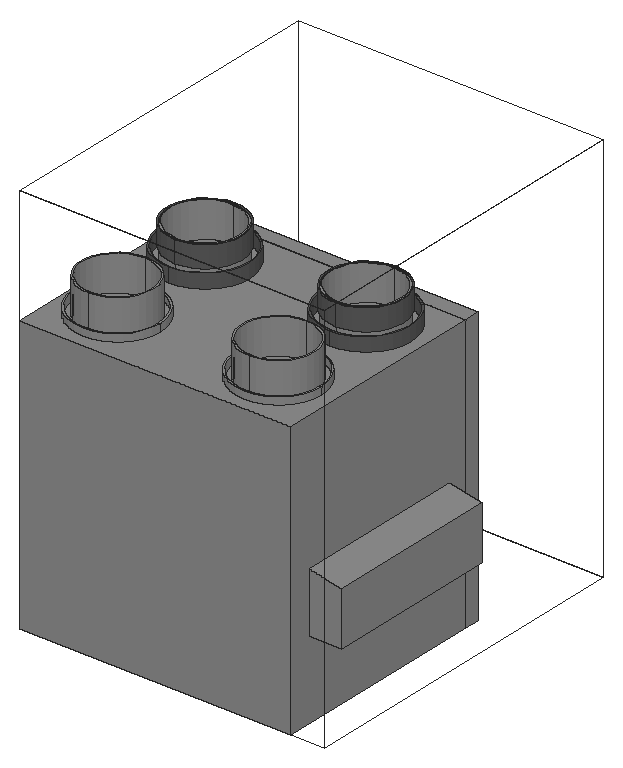
Revit family "Broan®_AI_Series™-Energy_Recovery_Ventilator_(ERV)-Top_Port", category Mechanical Equipment, Revit 2019
Family settings
  Round Connector Dimension = Use Diameter
  Classification = None
  Part Type = Normal
  Work Plane-Based = Yes
  Always vertical = No
  Cut with Voids When Loaded = No
  Shared = No
  Room Calculation Point = No
Parameters (values of type "Broan®_AI_Series™-130_CFM-Energy_Recovery_Ventilator_(ERV)-Top_Port-65%_eff")
  c Width MC = Width - c Width  # 2.32"
  c Vent Height = (Height - c Height)  # 2.45"
  c Top Clearance = if(c Constraints > 2, 9.00", 8.00")  # 8.00"
  c Right Clrearance = 0.00"  # constant formula
  c Offset vent side = (Length - 1.00") / 4  # 3.785"
  c MC width = Length - 4.00"  # 12.14"
  c Left Clearance = 0.00"  # constant formula
  c Height = 19.13"  # constant formula
  c Gen Diameter = if(c Constraints > 2, 6.00", 5.00")  # 5.00"
  c Front Clearance = 8.00"  # constant formula
  c Constraints = 1
  c Back Clearance = 0.00"  # constant formula
  Width = 21.07"  # constant formula
  Voltage = 120 V
  Version = ""
  URL = "https://www.broan-nutone.com/"
  Support Phone = "(224) 699-9545"  # constant formula
  Support Email = "mailto:support@anguleris.com"
  Supply Air Connection Diameter = c Gen Diameter  # 5"
  Return Air Connection Diameter = c Gen Diameter  # 5"
  Requirements and Standards = "UL 1812\r\nCSA F326\r\nCSA C439\r\nROHS 2015/863\r\nProp 65"
  Product Page URL = "https://www.broan-nutone.com/en-us/product/freshairsystems/b130e65rt"
  Product Name = "Broan® AI Series™ 130 CFM Energy Recovery Ventilator (ERV)"
  Product Documentation Link = "https://www.broan-nutone.com/getmedia/b7fa97a7-b1a4-4b26-badf-aba9305000d4/Spec-Sheet-B130E65.pdf?ext=.pdf"
  Power Factor = 0
  Phase = 1
  Operating Weight = 37.00 lbf  # constant formula
  Number of Poles = 1
  Noise = 110
  Model = "B130E65RT"
  Manufacturer Phone Number = "800-558-1711"  # constant formula
  Manufacturer Contact Information = "mailto:info@broan-nutone.com"
  Manufacturer Address = "\"926 W State St, Hartford, WI 53027\""
  Manufacturer = "Broan"  # constant formula
  Length = 16.14"  # constant formula
  Height = 21.58"  # constant formula
  Frequency = 60 Hz
  Fan Wattage = 70 W
  Exhaust Air Connection Diameter = c Gen Diameter  # 5"
  Default Elevation = 0.00"
  Copyright = "\"Copyright © 2021 Broan-NuTone, LLC. All Rights Reserved\""
  c Width = 18.75"  # constant formula
  Clearance [instance] = yes
  Air Volume = if(c Constraints = 1, 130 CFM, if(c Constraints = 2, 150 CFM, if(c Constraints = 3, 160 CFM, 160 CFM)))  # 130 CFM
Types (4): name | c Top Clearance | c Gen Diameter | c Constraints | Supply Air Connection Diameter | Return Air Connection Diameter | Product Page URL | Product Name | Product Documentation Link | Noise | Model | Fan Wattage | Exhaust Air Connection Diameter | Air Volume
  Broan®_AI_Series™-130_CFM-Energy_Recovery_Ventilator_(ERV)-Top_Port-65%_eff | 8.00" | 5.00" | 1 | 5" | 5" | "https://www.broan-nutone.com/en-us/product/freshairsystems/b130e65rt" | "Broan® AI Series™ 130 CFM Energy Recovery Ventilator (ERV)" | "https://www.broan-nutone.com/getmedia/b7fa97a7-b1a4-4b26-badf-aba9305000d4/Spec-Sheet-B130E65.pdf?ext=.pdf" | 110 | "B130E65RT" | 70 W | 5" | 130 CFM
  Broan®_AI_Series™-150_CFM-Energy_Recovery_Ventilator_(ERV)-Top_Port-75%_eff | 8.00" | 5.00" | 2 | 5" | 5" | "https://www.broan-nutone.com/en-us/product/freshairsystems/b150e75nt" | "Broan® AI Series™ 150 CFM Energy Recovery Ventilator (ERV)" | "https://www.broan-nutone.com/getmedia/36d3e3e3-350c-4d35-80b6-240504529a3e/Spec-Sheet-B150E75.pdf?ext=.pdf" | 163 | "B150E75NT" | 73.2 W | 5" | 150 CFM
  Broan®_AI_Series™-160_CFM-Energy_Recovery_Ventilator_(ERV)-Top_Port-65%_eff | 9.00" | 6.00" | 3 | 6" | 6" | "https://www.broan-nutone.com/en-us/product/freshairsystems/b160e65rt" | "Broan® AI Series™ 160 CFM Energy Recovery Ventilator (ERV)" | "https://www.broan-nutone.com/getmedia/e8599d57-3780-4656-a5d2-1cf3644ed073/Spec-Sheet-B160E65.pdf?ext=.pdf" | 163 | "B160E65RT" | 73.2 W | 6" | 160 CFM
  Broan®_AI_Series™-160_CFM-Heat_Recovery_Ventilator_(HRV)-Top_Port-75%_eff | 9.00" | 6.00" | 4 | 6" | 6" | "https://www.broan-nutone.com/en-us/product/freshairsystems/b160e75rt" | "Broan® AI Series™ 160 CFM Energy Recovery Ventilator (ERV)" | "https://www.broan-nutone.com/getmedia/e18839d8-320c-4dbb-82f4-3f5240d65343/Spec-Sheet-B160E75.pdf?ext=.pdf" | 163 | "B160E75RT" | 73.2 W | 6" | 160 CFM
Reference planes (in)
  plane 1 "Center (Front/Back)": y = 0
  plane 2: z = 0
  plane 3 "Center (Left/Right)": x = 0
  plane 4: y = 8.57
  plane 5: x = 10.535
  plane 6: y = -7.57
  plane 7: x = -10.535
  plane 8: z = 21.58
  plane 9: y = 7.57
  plane 10: x = 8.215
  plane 11: y = 16.57
  plane 12: x = 10.535
  plane 13: y = -7.57
  plane 14: x = -10.535
  plane 15: y = 3.785
  plane 16: y = -3.785
  plane 17: z = 5.5
  plane 18: z = 27.13
  plane 19: z = 19.13
  plane 20: x = -6.83592
  plane 21: x = 4.31554
Forms (in)
  Extrusion 1, solid, material "Metal - Broan NuTone - Gray"
    sketch origin (0, 0, 0) x (1, 0, 0) y (0, 1, 0)
      loop
        line (8.215, 7.57) -> (-10.535, 7.57) -> (-10.535, -7.57) -> (8.215, -7.57) -> (8.215, 7.57)
    from 0 to 19.13
  Extrusion 2, solid, material "Clearances - Broan NuTone", visible <- "Clearance"
    sketch origin (0, 0, 0) x (1, 0, 0) y (0, 1, 0)
      loop
        line (-10.535, 16.57) -> (-10.535, -7.57) -> (10.535, -7.57) -> (10.535, 16.57) -> (-10.535, 16.57)
    from 0 to 27.13
  Extrusion 3, solid, material "Metal - Broan NuTone - Gray"
    sketch origin (0, 0, 0) x (1, 0, 0) y (0, 1, 0)
      loop
        line (8.215, 8.57) -> (-10.535, 8.57) -> (-10.535, 7.57) -> (8.215, 7.57) -> (8.215, 8.57)
    from 0 to 19.13
Dimensions and locks (in)
  equal spacing: plane 7, plane 3 "Center (Left/Right)", plane 5
  "Height": plane 8 to level
  "Width": plane 7 to plane 5
  "Length": plane 6 to plane 4
  plane 4 to plane 9 = 1.00"
  "c Back Clearance": plane 13 to plane 6
  "c Left Clearance": plane 14 to plane 7
  "c Right Clrearance": plane 5 to plane 12
  "c Front Clearance": plane 11 to plane 4
  plane 3 "Center (Left/Right)" to plane 10 = 8.215"
  equal spacing: plane 9, plane 15, plane 1 "Center (Front/Back)"
  equal spacing: plane 1 "Center (Front/Back)", plane 16, plane 6
  equal spacing: plane 6, plane 16, plane 1 "Center (Front/Back)"
  "c Offset vent side": plane 1 "Center (Front/Back)" to plane 15
  plane 17 to level = 5.50"
  "c Top Clearance": plane 18 to plane 19
  "c Height": plane 19 to level
  "c Width": plane 7 to plane 10
  aligned and locked: plane 2 to level
  aligned and locked: plane 9 to Extrusion 1 sketch curve
  aligned and locked: plane 10 to Extrusion 1 sketch curve
  aligned and locked: plane 6 to Extrusion 1 sketch curve
  aligned and locked: nested 1 to plane 10
  aligned and locked: nested 1 to plane 17
  aligned and locked: plane 1 "Center (Front/Back)" to nested 1
  aligned and locked: Extrusion 2 sketch curve to plane 12
  aligned and locked: plane 13 to Extrusion 2 sketch curve
  aligned and locked: plane 14 to Extrusion 2 sketch curve
  aligned and locked: Extrusion 2 sketch curve to plane 11
  aligned and locked: plane 18 to Extrusion 2
  aligned and locked: plane 19 to Extrusion 1
  aligned and locked: Extrusion 1 to plane 7
  aligned and locked: plane 20 to nested 4
  aligned and locked: plane 20 to nested 2
  aligned and locked: plane 21 to nested 5
  aligned and locked: plane 21 to nested 3
  aligned and locked: plane 16 to nested 2
  aligned and locked: nested 4 to plane 15
  aligned and locked: nested 5 to plane 15
  aligned and locked: plane 16 to nested 3
  aligned and locked: Extrusion 3 sketch curve to plane 7
  aligned and locked: plane 10 to Extrusion 3 sketch curve
  aligned and locked: Extrusion 3 sketch curve to plane 9
  aligned and locked: plane 4 to Extrusion 3 sketch curve
  aligned and locked: plane 19 to Extrusion 3
Automatic sketch dimensions
  plane 7 to Extrusion 1 sketch curve = 0.00"
Nested families (in)
  nested 1: "MC" at (8.215, 6.07, 5.5) x (0, -1, 0) z (0, 0, 1), Width <- "c MC width", type "MC"
    with Width 12.14", Offset 0.4176", Height 4.176", Depth 2.32"
  nested 2: "Vent" at (-6.83592, -3.785, 19.13), type "Vent"
    with S Border yes, Border visibility no, Upper Border Height 1.47", Height 2.45", Border Height 0.98"
  nested 3: "Vent" at (4.31554, -3.785, 19.13), type "Vent"
    with S Border yes, Border visibility no, Upper Border Height 1.47", Height 2.45", Border Height 0.98"
  nested 4: "Vent" at (-6.83592, 3.785, 19.13), type "Vent"
    with S Border no, Border visibility yes, Upper Border Height 1.47", Height 2.45", Border Height 0.98"
  nested 5: "Vent" at (4.31554, 3.785, 19.13), type "Vent"
    with S Border no, Border visibility yes, Upper Border Height 1.47", Height 2.45", Border Height 0.98"
Connectors (in)
  electrical at (9.375, 6.07, 7.4836), driven by "Voltage", driven by "Power Factor"
    settings: on nested 1, index 5, voltage 120 V, apparent load 0 VA, apparent load phase1 0 VA, apparent load phase2 0 VA, apparent load phase3 0 VA, power factor 0, load classification "Power", number of poles 1, system type 31, power factor state 1, is connector primary yes, connector utility no, sub classification motor no, connector description ""
  hvac at (4.31554, -3.785, 21.58), driven by "Air Volume"
    settings: on nested 3, index 6, duct flow 130 CFM, flow factor 0, pres drop 0.00 in-wg, loss coef 0, conn angle 0.00°, conn width 12", conn height 12", conn diameter 5", duct sys type 3, conn prof type 0, flow config 0, flow direction 0, loss method 0, conn ref index -1, conn util no, is conn primary yes, conn desc "Exhaust air from building"
  hvac at (4.31554, 3.785, 21.58), driven by "Air Volume"
    settings: on nested 5, index 7, duct flow 130 CFM, flow factor 0, pres drop 0.00 in-wg, loss coef 0, conn angle 0.00°, conn width 12", conn height 12", conn diameter 5", duct sys type 2, conn prof type 0, flow config 0, flow direction 0, loss method 0, conn ref index -1, conn util no, is conn primary no, conn desc "Fresh air from outside"
  hvac at (-6.83592, -3.785, 21.58), driven by "Air Volume"
    settings: on nested 2, index 8, duct flow 130 CFM, flow factor 0, pres drop 0.00 in-wg, loss coef 0, conn angle 0.00°, conn width 12", conn height 12", conn diameter 5", duct sys type 1, conn prof type 0, flow config 0, flow direction 0, loss method 0, conn ref index -1, conn util no, is conn primary no, conn desc "Fresh air to building"
  hvac at (-6.83592, 3.785, 21.58), driven by "Air Volume"
    settings: on nested 4, index 9, duct flow 130 CFM, flow factor 0, pres drop 0.00 in-wg, loss coef 0, conn angle 0.00°, conn width 12", conn height 12", conn diameter 5", duct sys type 3, conn prof type 0, flow config 0, flow direction 0, loss method 0, conn ref index -1, conn util no, is conn primary no, conn desc "Exhaust air to outside"
Definition of nested family "MC"
  Parameters (values of type "MC")
    Width [instance] = 18.51858"
    Screen = none
    Offset [instance] = Height / 10  # 0.4527"
    Material = none
    Height = 1.8 * Depth  # 4.527"
    Depth = 2.515"
    Connector = none
  Reference planes (in)
    plane 1 "Center (Front/Back)": y = 0
    plane 2: z = 0
    plane 3 "Center (Left/Right)": x = 0
    plane 4: y = 2.515
    plane 5: x = 18.51858
    plane 6: z = 4.527
    plane 7: z = 4.0743
    plane 8: x = 9.25929
  Forms (in)
    Extrusion 1, solid, material <- "Material"
      sketch origin (0, 0, 0) x (0, 1, 0) y (0, 0, 1)
        loop
          line (0, 0) -> (2.515, 0) -> (2.515, 4.0743) -> (0, 4.527) -> (0, 0)
      from 0 to 18.51858
    Extrusion 2, solid, material <- "Screen", detail levels medium+fine
      sketch origin (0, 0, 0) x (0, 1, 0) y (0, 0, 1)
        loop
          line (0.6, 3.43791) -> (0.6, 1.93791) -> (1.915, 1.93791) -> (1.915, 3.43791) -> (0.6, 3.43791)
      from -0.01 to 0
    Extrusion 3, solid, material <- "Connector", detail levels medium+fine
      sketch origin (0, 0, -1) x (0, 1, 0) y (0, 0, 1)
        loop
          line (0.725, 2.08758) -> (0.725, 2.30151)
          arc (0.725, 2.30151) -> (0.6, 2.42651) -> (0.475, 2.30151) r 0.125
          line (0.475, 2.30151) -> (0.475, 2.08758)
          arc (0.475, 2.08758) -> (0.6, 1.96258) -> (0.725, 2.08758) r 0.125
        loop
          arc (1.79, 2.19695) -> (1.915, 2.07195) -> (2.04, 2.19695) r 0.125
          line (2.04, 2.19695) -> (2.04, 2.30151)
          arc (2.04, 2.30151) -> (1.915, 2.42651) -> (1.79, 2.30151) r 0.125
          line (1.79, 2.30151) -> (1.79, 2.19695)
      from -0.01 to 0
  Dimensions and locks (in)
    "Depth": plane 1 "Center (Front/Back)" to plane 4
    "Width": plane 3 "Center (Left/Right)" to plane 5
    "Height": plane 6 to level
    "Offset": plane 6 to plane 7
    equal spacing: plane 5, plane 8, plane 3 "Center (Left/Right)"
    Extrusion 2 sketch curve to plane 1 "Center (Front/Back)" = 0.60"
    plane 4 to Extrusion 2 sketch curve = 0.60"
    Extrusion 2 sketch curve to Extrusion 2 sketch curve to level = 1.50" locked, 1.93791" locked
    aligned and locked: plane 2 to level
    aligned and locked: Extrusion 1 sketch curve to plane 1 "Center (Front/Back)"
    aligned and locked: Extrusion 1 sketch curve to plane 4
    aligned and locked: level to Extrusion 1 sketch curve
    aligned and locked: plane 7 to Extrusion 1 sketch curve
    aligned and locked: plane 6 to Extrusion 1 sketch curve
    aligned and locked: plane 5 to Extrusion 1
    aligned and locked: Extrusion 1 to plane 3 "Center (Left/Right)"
    aligned and locked: plane 3 "Center (Left/Right)" to Extrusion 2
  Automatic sketch dimensions
    Extrusion 3 sketch curve to plane 1 "Center (Front/Back)" = 0.475"
    Extrusion 3 sketch curve to Extrusion 3 sketch curve = 0.125"  (x2)
    Extrusion 3 sketch curve to plane 4 = 0.725"
    level to Extrusion 3 sketch curve = 1.08758"
    level to Extrusion 3 sketch curve = 1.19695"
    Extrusion 3 sketch curve to Extrusion 3 sketch curve = 0.10456"
    Extrusion 3 sketch curve to Extrusion 3 sketch curve = 0.21393"
Definition of nested family "Vent"
  Parameters (values of type "Vent")
    Width = 0.10"
    Vent Material = none
    Upper border width = 0.10"
    Upper Border Height = 1.5 * Border Height  # 1.509"
    S Border [instance] = no
    Radius = Diameter / 2  # 2.50"
    Height = 2.515"
    Diameter = 5.00"
    Default Elevation = 48.00"
    Border visibility [instance] = not(S Border)  # yes
    Border Width = Width  # 0.10"
    Border Material = none
    Border Height = Height / 2.5  # 1.006"
    Border = Diameter / 8  # 0.625"
  Reference planes (in)
    plane 1 "Center (Front/Back)": y = 0
    plane 2: z = 0
    plane 3 "Center (Left/Right)": x = 0
    plane 4: y = 3.125
    plane 5: y = 2.5
    plane 6: z = 2.515
    plane 7: z = 1.006
    plane 8: y = 2.4
    plane 9: z = 1.006
    plane 10: x = -2.5
    plane 11: x = 2.5
  Forms (in)
    Revolve 1, solid, material <- "Vent Material", detail levels coarse
      sketch origin (0, 0, 0) x (0, 1, 0) y (0, 0, 1)
        loop
          line (0, 2.515) -> (0, 0) -> (2.5, 0) -> (2.5, 2.515) -> (0, 2.515)
        axis (0, 2.515) -> (0, 0)
      angle from 0 to 360
    Revolve 2, solid, material <- "Vent Material", detail levels medium+fine
      sketch origin (0, 0, 0) x (0, 1, 0) y (0, 0, 1)
        loop
          line (2.4, 2.515) -> (2.4, 0) -> (2.5, 0) -> (2.5, 2.515) -> (2.4, 2.515)
        axis (0, 2.515) -> (0, 0)
      angle from 0 to 360
    Revolve 3, solid, material <- "Border Material", visible <- "Border visibility", detail levels medium+fine
      sketch origin (0, 0, 0) x (0, 1, 0) y (0, 0, 1)
        loop
          line (3.125, 1.006) -> (3.025, 1.006) -> (3.025, 0) -> (3.125, 0) -> (3.125, 1.006)
        axis (0, 1.006) -> (0, 0)
      angle from 0 to 360
    Revolve 4, solid, material <- "Border Material", visible <- "Border visibility", detail levels medium+fine
      sketch origin (0, 0, 0) x (0, 1, 0) y (0, 0, 1)
        loop
          line (2.5, 2.515) -> (2.5, 1.006) -> (2.6, 1.006) -> (2.6, 2.515) -> (2.5, 2.515)
        axis (0, 2.515) -> (0, 1.006)
      angle from 0 to 360
    Revolve 5, solid, material <- "Vent Material", visible <- "S Border", detail levels medium+fine
      sketch origin (0, 0, 0) x (1, 0, 0) y (0, 0, 1)
        loop
          line (-2.9, 0) -> (-2.9, 0.5) -> (-3.00488, 0.5) -> (-3.00488, 0) -> (-2.9, 0)
        axis (0, 0.5) -> (0, 0)
      angle from 0 to 360
  Dimensions and locks (in)
    "Radius": plane 5 to plane 1 "Center (Front/Back)"
    "Border": plane 4 to plane 5
    "Border Height": plane 7 to level
    "Height": plane 6 to level
    "Width": plane 5 to plane 8
    "Border Width": plane 4 to Revolve 3 sketch curve
    "Upper border width": Revolve 4 sketch curve to Revolve 4 sketch curve
    "Upper Border Height": plane 6 to plane 9
    equal spacing: plane 11, plane 3 "Center (Left/Right)", plane 10
    "Diameter": plane 11 to plane 10
    plane 10 to Revolve 5 sketch curve to Revolve 5 sketch curve = 0.40", 0.10488" locked
    locked: Revolve 5 sketch curve to level at 0.5
    aligned and locked: plane 2 to level
    aligned and locked: Revolve 1 sketch curve to Revolve 1 sketch curve
    aligned and locked: plane 6 to Revolve 1 sketch curve
    aligned and locked: Revolve 1 sketch curve to plane 5
    aligned and locked: Revolve 2 sketch curve to plane 6
    aligned and locked: level to Revolve 2 sketch curve
    aligned and locked: Revolve 2 sketch curve to plane 8
    aligned and locked: plane 5 to Revolve 2 sketch curve
    aligned and locked: Revolve 3 sketch curve to plane 4
    aligned and locked: plane 7 to Revolve 3 sketch curve
    aligned and locked: Revolve 3 sketch curve to level
    aligned and locked: Revolve 4 sketch curve to plane 5
    aligned and locked: Revolve 4 sketch curve to plane 9
  Automatic sketch dimensions
    Revolve 1 sketch curve to plane 1 "Center (Front/Back)" = 0.00"
    Revolve 1 sketch curve to level = 0.00"
    Revolve 1 sketch curve to level = 24.00"
    plane 6 to Revolve 1 sketch curve = 79.96332"
    Revolve 5 sketch curve to level = 0.00"
    Revolve 5 sketch curve to plane 3 "Center (Left/Right)" = 0.00"
    Revolve 5 sketch curve to level = 24.00"
    plane 6 to Revolve 5 sketch curve = 100.20382"
    Revolve 3 sketch curve to plane 1 "Center (Front/Back)" = 0.00"
    Revolve 3 sketch curve to level = 24.00"
    plane 6 to Revolve 3 sketch curve = 79.96332"
    Revolve 4 sketch curve to plane 1 "Center (Front/Back)" = 0.00"
    Revolve 4 sketch curve to plane 6 = 0.00"
    Revolve 4 sketch curve to level = 24.00"
    plane 6 to Revolve 4 sketch curve = 79.96332"
